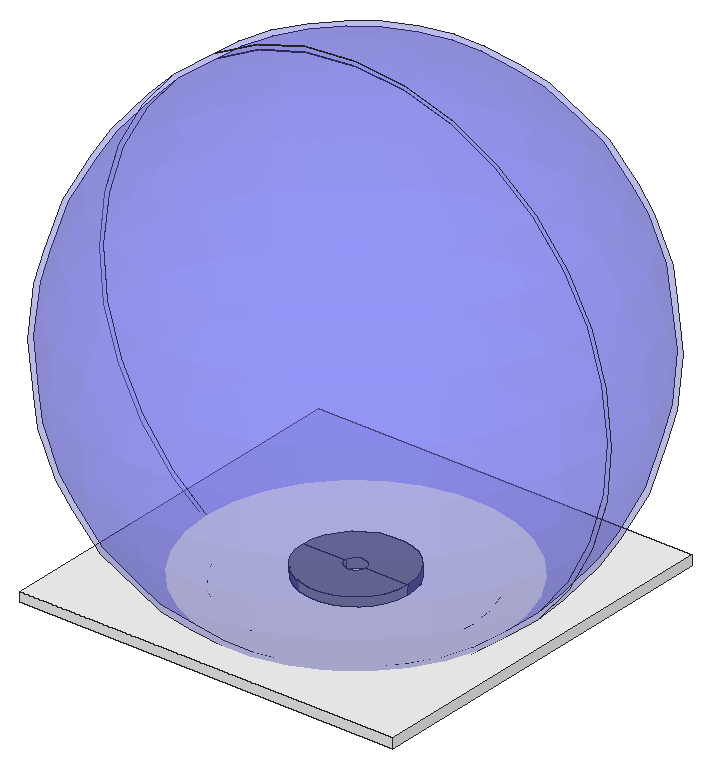
Revit family "BE_84094_de_DE", category Leuchten, Revit 2020
Family settings
  Basisbauteil = Fläche
  Bemaßung runder Anschluss = Durchmesser verwenden
  Teiletyp = Normal
  Beim Laden mit Abzugskörper schneiden = Ja
  Lichtquelle = Ja
  Gemeinsam genutzt = Nein
  Raumberechnungspunkt = Ja
Parameters (values of type "BEGA_84094_Grafit_K4")
  built-in parameter 1150104 = 15.654 (stored number, unit not read)
  Wattage = 49.2 W
  Default Elevation = 0 mm
  built-in parameter 1150113 = 1 (stored number, unit not read)
  built-in parameter 1114218 = 1 (stored number, unit not read)
  Umgebungstemperatur = "25 °C"
  URL = "https://www.bega.com/de/produkt/84094"
  Typenkommentare = "© 2022 BEGA. Wir behalten uns das Recht vor, technische Änderungen ohne vorherige Ankündigung vorzunehmen."  # constant formula
  Type Image = 84094.png
  built-in parameter 1150134 = 12
  built-in parameter 1150109 = 1 (stored number, unit not read)
  Strom = ""
  built-in parameter 1150110 = 1 (stored number, unit not read)
  Spannung = 239.996 V
  Sonderanfertigung = no
  Seriennummer [instance] = "Hier können Sie die eindeutige Seriennummer für das Facility Management eintragen."
  Schutzklasse = "I"
  Schutzart = "IP 65"
  Scheinlast = 0 VA
  Produktdatenblatt = "https://cdn.bega.com/bega/products/84094K3/current/documents/data-sheets/de"
  Oberflächentemperatur = ""
  Neigungswinkel = 0.00°
  Modell = "84094K4"
  Material_17 = BEGA_Reflektor
  Material_15 = BEGA_Leuchtmedium_matt
  Material_14 = BEGA_Kunststoff_opal
  Material_11 = BEGA_Glas_opal
  Material_09 = BEGA_Glas_klar
  Material_06 = BEGA_Oberfläche_Edelstahl_gebürstet
  Material_03 = BEGA_Oberfläche_Weiss_matt
  Material_02 = BEGA_Oberfläche_Silber_matt
  Material_01 [instance] = BEGA_Oberfläche_Grafit_matt
  M_W = no
  M_G = yes
  M_A = no
  Logo = 0
  built-in parameter 1114217 = 1 (stored number, unit not read)
  built-in parameter 1150139 = (empty or 0)
  built-in parameter 1150105 = 659.71 (stored number, unit not read)
  built-in parameter 1150114 = 1 (stored number, unit not read)
  Lumens = 8290.2 lm
  built-in parameter 1150115 = 1 (stored number, unit not read)
  Leuchtenlichtstrom = "6911 lm"
  Leuchtenanzahl = ""
  Lebensdauerkriterien = "L70B50 @ 25 °C = 200000 h"
  Lastklassifizierung = Beleuchtung
  built-in parameter 1150112 = 1 (stored number, unit not read)
  Lampenlichtstrom = "8490 lm"
  Lampe = "LED 48 W"
  LED_Modulbezeichnung = "6x LED-0610/840"
  built-in parameter 1150142 = (empty or 0)
  Hersteller = "BEGA"  # constant formula
  Halbstreuwinkel = ""
  Gewicht = "7.9 kg"
  Gebrauchslageneinschränkung [instance] = ""
  Frequenz = "0/50-60 Hz"
  Farbwiedergabeindex = "CRI > 80"
  Farbtemperaturverschiebung bei Dämpfen der Lampe = <Keine Auswahl>
  Farbtemperatur = "4000 K"
  Color Filter = 16777215
  built-in parameter 1150133 = 10 (stored number, unit not read)
  Energieeffizienzklasse = "LED A++ - A"
  built-in parameter 1150137 = (empty or 0)
  built-in parameter 1150132 = (empty or 0)
  ENEC = "ja"
  Dimmbar [instance] = "DALI"
  Datei für fotometrisches Netz = "BE_84094K4.IES"
  CE_Konformität = "ja"
  Bestellnummer = "84094K4"
  Beschreibung_Sonderanfertigung = "Hier können Sie Informationen zur Sonderanfertigung eintragen."
  Beschreibung = "Aufsatzleuchte"
  built-in parameter 1150106 = 6.5971 (stored number, unit not read)
  Befestigungsbohrung = ""
  Befestigungsabstand = ""
  Ballwurfsicher = ""
  BEGA_Intern_aus = yes
  BEGA_Intern_an = yes
  BEGA_Intern_Konstruktion = yes
  BEGA_Intern = yes
  BEGA_IES = yes
  BEGA_Dummy = no
  Anschlussleitung = "4.0 m X05BQ-F 5 G 1 mm²"
  Anschlussleistung [instance] = "53 W"
  built-in parameter 1150107 = 4000 (stored number, unit not read)
  built-in parameter 1150102 = (empty or 0)
  built-in parameter 1150138 = (empty or 0)
  Aktualisierung = "2022-05-19T04:00:07"
  Abstand_zur_angestrahlten_Fläche [instance] = ""
  AC/DC = "AC/DC"
Types (2, lengths in mm): name | built-in parameter 1150104 | built-in parameter 1150134 | Modell | built-in parameter 1150105 | Lumens | Leuchtenlichtstrom | Lampenlichtstrom | LED_Modulbezeichnung | Farbtemperatur | Datei für fotometrisches Netz | Bestellnummer | built-in parameter 1150106 | built-in parameter 1150107
  BEGA_84094_Grafit_K3 | 14.493 (stored number, unit not read) | (empty or 0) | "84094K3" | 610.77 (stored number, unit not read) | 7675.2 lm | "6813 lm" | "8370 lm" | "6x LED-0610/830" | "3000 K" | "BE_84094K3.IES" | "84094K3" | 6.1077 (stored number, unit not read) | 3000 (stored number, unit not read)
  BEGA_84094_Grafit_K4 | 15.654 (stored number, unit not read) | 12 | "84094K4" | 659.71 (stored number, unit not read) | 8290.2 lm | "6911 lm" | "8490 lm" | "6x LED-0610/840" | "4000 K" | "BE_84094K4.IES" | "84094K4" | 6.5971 (stored number, unit not read) | 4000 (stored number, unit not read)
Reference planes
  plane 1 "Mitte (Vorne/Hinten)": y = 0
  plane 2: z = 0
  plane 3 "Mitte (Links/Rechts)": x = 0
  plane 4 "Links": x = -275
  plane 5 "Rechts": x = 275
  plane 6 "Unten": y = -275
  plane 7 "Oben": y = 275
  plane 8 "Vorne": z = 491.834
  plane 9 "Hinten": z = -56.16
Forms (mm)
  Extrusion 1, solid, material "BEGA_Platte_Weiss"
    sketch origin (0, -1119.2, 0) x (1, 0, 0) y (0, 1, 0)
      loop
        line (-200, 1319.2) -> (-200, 919.2) -> (200, 919.2) -> (200, 1319.2) -> (-200, 1319.2)
    from 0 to -10
  Extrusion 2, solid, material "BEGA_Dummy_matt", visible <- "BEGA_Dummy"
    sketch origin (77.149, -76.023, 0) x (1, 0, 0) y (0, 1, 0)
      loop
        circle (-77.149, 76.023) r 275
    from -56.16 to 491.834
Dimensions and locks
  plane 1 "Mitte (Vorne/Hinten)" to Extrusion 1 = 200 mm
  aligned and locked: plane 2 to Extrusion 1
  aligned and locked: level to Extrusion 1
Nested families
  nested 1: "BE_84094" at (0, 0, 0), type "BE_84094"
Connectors
  electrical at (0, 0, 0), driven by "Lastklassifizierung", driven by "Spannung", driven by "Scheinlast"
    settings: index 1, voltage 239.996 V, apparent load 0 VA, apparent load phase1 0 VA, apparent load phase2 0 VA, apparent load phase3 0 VA, power factor 1, load classification "Beleuchtung", number of poles 1, system type 31, power factor state 1, is connector primary yes, connector utility no, sub classification motor no, connector description ""
Definition of nested family "BE_84094"
  Parameters (values of type "BE_84094")
    Default Elevation = 1 mm
    URL = "http://www.bega.de/de/produkt"
    Type Comments = "© 2015 BEGA. Wir behalten uns das Recht vor, technische Änderungen ohne vorherige Ankündigung vorzunehmen. "  # constant formula
    Type Image = (empty or 0)
    Neigungswinkel_um_Z2 = 0.00°
    Neigungswinkel_um_Z1 = 0.00°
    Neigungswinkel_um_Y2 = 0.00°
    Neigungswinkel_um_Y1 = 0.00°
    Neigungswinkel_um_X2 = 0.00°
    Neigungswinkel_um_X1 = 0.00°
    Material_17 = none
    Material_15 = none
    Material_14 = none
    Material_11 = none
    Material_09 = none
    Material_06 = none
    Material_02 = none
    Material_01 = none
    M_W = yes
    M_G = yes
    M_A = yes
    Länge_Platte = 200 mm  # constant formula
    Höhe_Platte = -10 mm  # constant formula
    Manufacturer = "BEGA"  # constant formula
    Drehwinkel_um_Z2 = 0.00°
    Drehwinkel_um_Z1 = 0.00°
    Breite_Platte = 200 mm  # constant formula
  Reference planes
    plane 1 "Mitte (Oben/Unten)": y = 0
    plane 2: z = 0
    plane 3 "Mitte (Links/Rechts)": x = 0
    plane 4 "Hinten": z = -100
    plane 5 "Rechts": x = 275
    plane 6 "Oben": y = 275
    plane 7 "Unten": y = -275
    plane 8: x = -275
    plane 9: z = 491.834
  Forms (mm)
    Extrusion 1, solid, detail levels medium
      sketch origin (0, 0, 0) x (1, 0, 0) y (0, 1, 0)
        loop
          line (-100, 100) -> (-100, -100) -> (100, -100) -> (100, 100) -> (-100, 100)
      from 0 to -10 <- "Höhe_Platte"
    Revolve 2, solid, material <- "Material_14"
      sketch origin (0, 0, 0) x (1, 0, 0) y (0, 0, 1)
        loop
          line (0, 486.752) -> (0, 491.752)
          arc (0, 491.752) -> (-263.057, 296.915) -> (-153.363, -11.513) r 275
          line (-153.363, -11.513) -> (-151, -9.15) -> (-129.5, -9.15) -> (-129.5, -14.15) -> (-126.34, -14.15) -> (-125, -9.15) -> (-125, -7.15)
          arc (-125, -7.15) -> (-125.879, -5.029) -> (-128, -4.15) r 3
          line (-128, -4.15) -> (-155.248, -4.15)
          arc (-155.248, -4.15) -> (-257.433, 298.166) -> (0, 486.752) r 270
        axis (0, -14.15) -> (0, 491.752)
      angle from 0 to 360
    Revolve 3, solid, material <- "Material_01"
      sketch origin (0, 0, 0) x (1, 0, 0) y (0, 0, 1)
        loop
          arc (-152.293, -12.78) -> (-105.129, -37.912) -> (-53.994, -53.447) r 275
          line (-53.994, -53.447) -> (-53.5, -39.3) -> (-49.152, -39.3) -> (-48, 4.7) -> (-13.812, 4.7) -> (-12.5, -10.3) -> (-9.288, -10.3) -> (-10.968, 8.9) -> (-56.227, 8.9) -> (-58.259, -49.283)
          arc (-58.259, -49.283) -> (-105.915, -34.114) -> (-149.985, -10.471) r 271.801
          line (-149.985, -10.471) -> (-152.293, -12.78)
        axis (0, -53.447) -> (0, 8.9)
      angle from 0 to 360
    Revolve 4, solid, material <- "Material_01"
      sketch origin (0, 0, 0) x (1, 0, 0) y (0, 0, 1)
        loop
          line (-44.537, 4.4) -> (-45.719, -40.759) -> (-52.607, -41) -> (-52.941, -53.73)
          arc (-52.941, -53.73) -> (-46.546, -55.029) -> (-40.121, -56.16) r 250.008
          line (-40.121, -56.16) -> (-38.65, 0) -> (-30, 0) -> (-30, 4.4) -> (-44.537, 4.4)
        axis (0, 4.4) -> (0, -56.16)
      angle from 0 to 360
  Dimensions and locks
    equal spacing: Extrusion 1 sketch curve, plane 3 "Mitte (Links/Rechts)", Extrusion 1 sketch curve
    equal spacing: Extrusion 1 sketch curve, plane 1 "Mitte (Oben/Unten)", Extrusion 1 sketch curve
    "Länge_Platte": Extrusion 1 sketch curve to Extrusion 1 sketch curve
    "Breite_Platte": Extrusion 1 sketch curve to Extrusion 1 sketch curve
    aligned and locked: plane 2 to Extrusion 1
    aligned and locked: level to Extrusion 1
  Automatic sketch dimensions
    Revolve 2 sketch curve to plane 3 "Mitte (Links/Rechts)" = 0 mm  (x3)
    Revolve 2 sketch curve to level = 9.15 mm  (x2)
    Revolve 2 sketch curve to Revolve 2 sketch curve = 1.34 mm
    Revolve 2 sketch curve to Revolve 2 sketch curve = 3 mm
    Revolve 2 sketch curve to Revolve 2 sketch curve = 3.16 mm
    Revolve 2 sketch curve to Revolve 2 sketch curve = 21.5 mm
    Revolve 2 sketch curve to level = 11.513 mm
    Revolve 2 sketch curve to Revolve 2 sketch curve = 2.363 mm
    Revolve 2 sketch curve to Revolve 2 sketch curve = 4.248 mm
    plane 3 "Mitte (Links/Rechts)" to Revolve 2 sketch curve = 0 mm
    Revolve 2 sketch curve to Revolve 2 sketch curve = 5 mm
    Revolve 2 sketch curve to Revolve 2 sketch curve = 2 mm
    Revolve 2 sketch curve to level = 4.15 mm
    Revolve 2 sketch curve to Revolve 2 sketch curve = 0 mm  (x3)
    Revolve 2 sketch curve to Revolve 2 sketch curve = 66.752 mm
    Revolve 2 sketch curve to Revolve 2 sketch curve = 25 mm
    Revolve 3 sketch curve to plane 3 "Mitte (Links/Rechts)" = 0 mm
    Revolve 3 sketch curve to plane 3 "Mitte (Links/Rechts)" = 9.288 mm
    Revolve 3 sketch curve to plane 3 "Mitte (Links/Rechts)" = 10.968 mm
    Revolve 3 sketch curve to Revolve 3 sketch curve = 3.212 mm
    level to Revolve 3 sketch curve = 4.7 mm
    Revolve 3 sketch curve to Revolve 3 sketch curve = 34.188 mm
    Revolve 3 sketch curve to Revolve 3 sketch curve = 1.152 mm
    Revolve 3 sketch curve to Revolve 3 sketch curve = 4.348 mm
    Revolve 3 sketch curve to Revolve 3 sketch curve = 0.494 mm
    Revolve 3 sketch curve to level = 10.471 mm
    Revolve 3 sketch curve to level = 12.78 mm
    Revolve 3 sketch curve to Revolve 3 sketch curve = 2.309 mm
    plane 3 "Mitte (Links/Rechts)" to Revolve 3 sketch curve = 0 mm  (x2)
    Revolve 3 sketch curve to level = 39.3 mm
    Revolve 3 sketch curve to Revolve 3 sketch curve = 4.164 mm
    Revolve 3 sketch curve to level = 10.3 mm
    plane 4 "Hinten" to Revolve 3 sketch curve = 41.2 mm
    Revolve 3 sketch curve to Revolve 3 sketch curve = 4.2 mm
    Revolve 3 sketch curve to Revolve 3 sketch curve = 22.3 mm
    Revolve 3 sketch curve to Revolve 3 sketch curve = 45.259 mm
    Revolve 3 sketch curve to Revolve 3 sketch curve = 14.147 mm
    Revolve 3 sketch curve to Revolve 3 sketch curve = 37.032 mm
    Revolve 3 sketch curve to Revolve 3 sketch curve = 0 mm
    Revolve 4 sketch curve to level = 0 mm
    Revolve 4 sketch curve to plane 3 "Mitte (Links/Rechts)" = 0 mm
    Revolve 4 sketch curve to plane 3 "Mitte (Links/Rechts)" = 30 mm
    Revolve 4 sketch curve to Revolve 4 sketch curve = 8.65 mm
    Revolve 4 sketch curve to plane 3 "Mitte (Links/Rechts)" = 40.121 mm
    level to Revolve 4 sketch curve = 4.4 mm
    Revolve 4 sketch curve to Revolve 4 sketch curve = 5.887 mm
    Revolve 4 sketch curve to Revolve 4 sketch curve = 5.599 mm
    Revolve 4 sketch curve to Revolve 4 sketch curve = 6.888 mm
    Revolve 4 sketch curve to Revolve 4 sketch curve = 0.333 mm
    plane 3 "Mitte (Links/Rechts)" to Revolve 4 sketch curve = 0.002 mm
    Revolve 4 sketch curve to level = 40.759 mm
    Revolve 4 sketch curve to Revolve 4 sketch curve = 0.241 mm
    Revolve 4 sketch curve to Revolve 4 sketch curve = 12.73 mm
    Revolve 4 sketch curve to Revolve 4 sketch curve = 2.429 mm
    level to Revolve 4 sketch curve = 34.4 mm
    Revolve 4 sketch curve to Revolve 4 sketch curve = 5 mm
    level to Revolve 2 sketch curve = 216.753 mm
    Revolve 2 sketch curve to plane 3 "Mitte (Links/Rechts)" = 125 mm
    Revolve 3 sketch curve to Revolve 3 sketch curve = 4.265 mm
